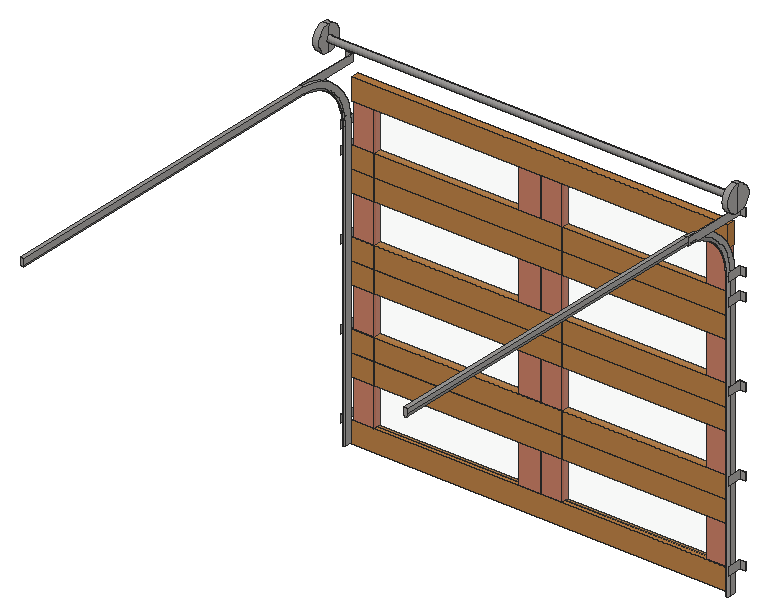
Revit family "Door_Overhead-Sectional_CarriageHouseDC_Belize", category Doors, host Wall, Revit 2026
Family settings
  Host = Wall
  Classification Number = 23.30.10.17.37.14
  Always vertical = Yes
  Cut with Voids When Loaded = No
  Shared = No
  Room Calculation Point = No
Parameters (values of type "Design as Specified")
  Wall_Wood Jamb [instance] = yes
  Wall_Steel Jamb [instance] = not(Wall_Wood Jamb)  # no
  Track Type [instance] = Tracks_Standard-Lift : Tracks_Standard-Lift
  Track Finish [instance] = Metal - Steel
  R-Value = 0
  Panel Width [instance] = 8' - 0"
  Panel Thickness [instance] = 0' - 2"
  Panel Material [instance] = Finish - Stained
  Panel Height [instance] = 7' - 0"
  Opening Width [instance] = 8' - 0"
  Opening Height [instance] = 7' - 0"
  Track_High Lift Height [instance] = 0' - 2"
  Standards Conformance = "Possible WUI Fire Code Compliance  ;  SFM 12-7A-1"
  Revision = "R1_2015-10"
  RO Offset = 0' - 0"
  Inlay Material [instance] = Finish - Copper
  Hardware Finish [instance] = none
  Glazing Type [instance] = ""
  Glazing Tint [instance] = Glazing - as Specified
  Glazing Thickness [instance] = 0' - 0 1/8"
  Function = Exterior
  Manufacturer Phone = "916-373-1776"
  Warranty Duration (Years) = 0
  URL = "http://www.carriagedoor.com/"
  Thickness = 0' - 0"  # constant formula
  Test Data = ""
  Specification = ""
  SpecWizard = ""
  Send Message = ""
  Sales Information = "http://www.carriagedoor.com/contactUs.php"
  Rough Width = 0' - 0"  # constant formula
  Rough Height = 0' - 0"  # constant formula
  Product Properties = "http://www.carriagedoor.com/design.php"
  Product Data = "http://www.arcat.com/arcatcos/cos42/arc42007.html"
  Manufacturer Website = "http://www.carriagedoor.com/"
  Manufacturer Phone - Toll Free = "866-890-1776"
  Manufacturer Fax = "916-375-8874"
  Manufacturer Address = "1421 Richards Blvd.   Sacramento, CA 95814"
  Maintenance Schedule (Months) = 0
  Installation-Fabrication = ""
  Installation Phase = ""
  Green Building-LEED = ""
  Model = "Design as Specified"
  Manufacturer = "Carriage House Door Company"
  Keynote = "08360"
  Height [instance] = if(1 = 1, Panel Height, 0' 0")  # 7' - 0"
  Wall Closure = By host
  Width [instance] = if(1 = 1, Panel Width, 0' 0")  # 8' - 0"
  Fire Rating = "As Specified in 08360"
  Expected Lifespan (Years) = 0
  Drawn By = "Sumex Design, Inc. / Robert S. Weygant, CSI, CDT, SCIP"
  Door Panel Design = Door_Overhead-Sectional-Panel_CarriageHouseDC_Belize : Design as Specified
  Description = "Carriage House Wood Overhead Sectional Door - Belize as Specified"
  Copyright = "©Arcat Inc."
  Construction Details = ""
  Building Codes = ""
  Available Options = "[Paint Grade][Stain Grade], [Ogee Trim Edge][Eased Trim Edge][Square Trim Edge]"
  Assembly Code = "B2030410"
  3 inch Track [instance] = not([2 inch Track])  # no
  2 inch Track [instance] = yes
Reference planes (in)
  plane 1 "Center (Front/Back)": y = -33.96225
  plane 2 "Center (Left/Right)": x = 64.28704
  plane 3: z = 0
  plane 4 "Right": x = 112.28704
  plane 5 "Left": x = 16.28704
  plane 6 "Closure": y = -37.96225
  plane 7: z = 0
  plane 8 "Top of Frame": z = 84
  plane 9 "RO Top": z = 84
  plane 10 "RO Right": x = 112.28704
  plane 11 "RO Left": x = 16.28704
  plane 12: x = 16.28704
  plane 13: x = 112.28704
  plane 14: z = 84
Lines and regions (in)
  Opening 1
    outline origin (-109.33485, -37.96225, 0) x (1, 0, 0) y (0, 0, 1)
      loop
        line (125.62189, 0) -> (221.62189, 0) -> (221.62189, 84) -> (125.62189, 84) -> (125.62189, 0)
Text (in)
  text "Exterior" at (58.95269, 0.56115, 0), in view "Plan"
  text "Interior" at (58.95269, -59.79114, 0), in view "Plan"
  text "Exterior" at (0, -17.98638, 123.01588), in view "Right"
  text "Interior" at (0, -64.39139, 123.01588), in view "Right"
  text "Interior" at (0, -52.09468, 121.14095), in view "Left"
  text "Exterior" at (0, 26.35325, 123.00693), in view "Left"
Dimensions and locks (in)
  equal spacing: plane 4 "Right", plane 2 "Center (Left/Right)", plane 5 "Left"
  "Opening Width": plane 5 "Left" to plane 4 "Right"
  "Opening Height": level to plane 8 "Top of Frame"
  "RO Offset": plane 5 "Left" to plane 11 "RO Left"
  "RO Offset": plane 10 "RO Right" to plane 4 "Right"
  "RO Offset": plane 9 "RO Top" to plane 8 "Top of Frame"
  equal spacing: plane 13, plane 2 "Center (Left/Right)", plane 12
  "Width": plane 13 to plane 12
  "Height": plane 14 to level
  aligned and locked: host wall to plane 1 "Center (Front/Back)"
  aligned and locked: host wall to plane 6 "Closure"
  aligned and locked: Opening 1 sketch curve to level
  aligned and locked: Opening 1 sketch curve to plane 9 "RO Top"
  aligned and locked: plane 10 "RO Right" to Opening 1 sketch curve
  aligned and locked: plane 11 "RO Left" to Opening 1 sketch curve
  aligned: plane 2 "Center (Left/Right)" to nested 1
  aligned: plane 6 "Closure" to nested 1
  aligned and locked: plane 6 "Closure" to nested 2
Nested families (in)
  nested 1: "Tracks_Standard-Lift" at (64.28704, -40.58725, 0), Track <- "Track Finish", Unit Width <- "Width", Wood Jamb <- "Wall_Wood Jamb", 2in Track <- "2 inch Track", Door Height <- "Height", High Lift Height <- "Track_High Lift Height", Opening Height <- "Opening Height", type <- "Track Type", type "Tracks_Standard-Lift"
    with trackradinsetv 0' - 0", trackradinseth 0' - 0", sideroomint 0' - 1 5/8", roofpitchheight 0' - 0", offsettrackradv 1' - 2.73821", offsettrackradh 1' - 2.99772", offset 12' - 0", highliftcalc 0' - 1", breakoutrun 1.5, breakoutrise 12, breakawaylength 0' - 0.01746", breakaway angle 1.00°, Wood Jamb yes, Unit Width 8' - 0", Unit Depth 0' - 2", Track Radius 1' - 3", Track Offset from Door Edge 0' - 0 1/2", Track Metal - Steel, Steel Jamb no, Standard Spring Location yes, Sideroom_Spring 0' - 3", Sideroom_Jambs 0' - 3", Roof Incline 0.00°, Rear Mount Spring no, Opening Width 8' - 0", Opening Height 7' - 0", High Lift Height 0' - 2", Headroom Clearance 1' - 0", Door Height 7' - 0", Breakaway Start 1' - 2", Back Depth 8' - 10", 3in Track no, 2in Track yes, 1 in 12 Breakout no, 1 5 in 12 Breakout yes
  nested 2: "Door_Overhead-Sectional-Panel_CarriageHouseDC_Belize" at (64.28704, -38.96225, 0) x (-1, 0, 0) z (0, 0, 1), Panel Material <- "Panel Material", Inlay Material <- "Inlay Material", Hardware Finish <- "Hardware Finish", Panel Height <- "Panel Height", Panel Width <- "Panel Width", Panel Thickness <- "Panel Thickness", Glazing Thickness <- "Glazing Thickness", Glazing Tint <- "Glazing Tint", type <- "Door Panel Design", type "Design as Specified"
    with glazing height 0' - 10", Solid Panel Design Setup 2' - 7", Panel Width 8' - 0", Panel Thickness 0' - 2", Panel Material Finish - Stained, Panel Height 7' - 0", Number of Window Sections 4, Number of Sections 3, Number of Horizontal Members 3, Inlay Material Finish - Copper, Hardware Finish none, Glazing Type "", Glazing Tint Glazing - as Specified, Glazing Thickness 0' - 0 1/8"
Definition of nested family "Tracks_Standard-Lift"
  Parameters
    trackradinsetv [instance] = Track Radius - (Track Radius * cos(Roof Incline))  # 0' - 0"
    trackradinseth [instance] = Track Radius * sin(Roof Incline)  # 0' - 0"
    sideroomint [instance] = if(Steel Jamb, Sideroom_Jambs, 0' 1 5/8")  # 0' - 1 5/8"
    roofpitchheight [instance] = (Back Depth) * tan(Roof Incline)  # 0' - 0"
    offsettrackradv [instance] = Track Radius - (Track Radius * sin(breakaway angle))  # 1' - 2.73821"
    offsettrackradh [instance] = Track Radius * cos(breakaway angle)  # 1' - 2.99772"
    offset [instance] = 12' - 0"
    breakoutrun [instance] = if([1 in 12 Breakout], 1, 1.5)  # 1
    breakoutrise [instance] = 12  # constant formula
    breakawaylength [instance] = (Breakaway Start + High Lift Height - Track Radius) / tan(90.00° - breakaway angle)  # 0' - 0.26183"
    breakaway angle [instance] = 1.00°  # constant formula
    Wood Jamb [instance] = yes
    Unit Width [instance] = 8' - 0"
    Unit Depth [instance] = if([2in Track], 0' 2", if([3in Track], 0' 3", 0' 2"))  # 0' - 3"
    URL = "http://www.chiohd.com/garage-doors/"
    Track Radius [instance] = 1' - 3"
    Track [instance] = none
    Steel Jamb [instance] = not(Wood Jamb)  # no
    Standard Spring Location [instance] = yes
    Specification = ""
    SpecWizard = "http://www.arcat.com/specwizard/clients/chiover.html?coid=43804"
    Track Offset from Door Edge [instance] = 0' - 0 1/2"
    Sideroom_Spring [instance] = 0' - 5"
    Sideroom_Jambs [instance] = 0' - 5"
    Sales Information = "http://www.chiohd.com/dealers/#.UQ_IQr_Xb_Y"
    Roof Incline [instance] = 0.00°
    Revision = "R1_02-2013"
    Rear Mount Spring [instance] = yes
    Product Properties = ""
    Product Data = "http://www.arcat.com/arcatcos/cos43/arc43804.html"
    Opening Width [instance] = if(Wood Jamb, Unit Width, Unit Width - 0' 1")  # 8' - 0"
    Opening Height [instance] = 8' - 0"
    Model = "As Specified"
    Manufacturer = "CHI Overhead Doors"
    Keynote = ""
    Installation-Fabrication = ""
    highliftcalc [instance] = if(Headroom Clearance < 5' 4 3/256", Headroom Clearance - 0' 11", if(and(Headroom Clearance > 5' 4", Headroom Clearance < 11' 1 3/256"), Headroom Clearance - 1' 1", if(and(Headroom Clearance > 11' 1", Headroom Clearance < 15' 0 3/256"), Headroom Clearance - 1' 5", 1' 0")))  # 1' - 10"
    High Lift Height [instance] = 1' - 10"
    Headroom Clearance [instance] = 2' - 9"
    Green Building-LEED = "http://www.arcat.com/green/clients/leed_data_43804.html"
    Drawn By = "Sumex Design, Inc. / Robert S. Weygant, CSI, CDT, SCIP"
    Door Height [instance] = 8' - 0"
    Description = ""
    Default Elevation = 4' - 0"
    Copyright = "©Arcat Inc."
    Construction Details = "http://www.arcat.com/details/chiover/chiover.html?coid=43804"
    Breakaway Start [instance] = if([1 in 12 Breakout], 0' 8", if([1 5 in 12 Breakout], 1' 2", 1' 0"))  # 0' - 8"
    Back Depth [instance] = Door Height + 1' 10"  # 9' - 10"
    Assembly Code = ""
    3in Track [instance] = not([2in Track])  # yes
    2in Track [instance] = no
    1 in 12 Breakout [instance] = yes
    1 5 in 12 Breakout [instance] = not([1 in 12 Breakout])  # no
  Reference planes (in)
    plane 1 "Center (Front/Back)": y = 0
    plane 2 "Bottom": z = 0
    plane 3 "Center (Left/Right)": x = 0
    plane 4 "Front": y = -1.5
    plane 5 "Back": y = 1.5
    plane 6 "Left": x = -48
    plane 7 "Right": x = 48
    plane 8 "Top": z = 121
    plane 9: z = 96
    plane 10: x = -48
    plane 11: x = 48
    plane 12: z = 129
    plane 13: y = -114.875
    plane 14: y = -13.49772
    plane 15: z = 106.26179
    plane 16: y = 3.125
    plane 17: z = 67.5
    plane 18: z = 47
    plane 19: z = 26.5
    plane 20: z = 6
    plane 21: z = 97.13089
    plane 22: x = 53
    plane 23: x = -53
    plane 24 "Drum CL": y = -1.875
    plane 25: z = 106
    plane 26: z = 118
    plane 27: y = -13.49772
    plane 28: z = 121
    plane 29: x = -49.625
    plane 30: x = 49.625
  Forms (in)
    Extrusion 1, solid, material <- "Track", visible <- "Wood Jamb"
      sketch origin (0, 0, 0) x (1, 0, 0) y (0, 1, 0)
        loop
          line (-49.5, -13.49772) -> (-49.5, 3.125) -> (-53, 3.125) -> (-53, 3) -> (-49.625, 3) -> (-49.625, -13.49772) -> (-49.5, -13.49772)
        loop
          line (49.5, -13.49772) -> (49.625, -13.49772) -> (49.625, 3) -> (53, 3) -> (53, 3.125) -> (49.5, 3.125) -> (49.5, -13.49772)
      from 0 to 121
    Extrusion 2, void
      sketch origin (0, 0, 0) x (0, 1, 0) y (0, 0, 1)
        loop
          line (-1.5, 5) -> (-1.5, 7) -> (3.125, 7) -> (3.125, 25.5) -> (-1.5, 25.5) -> (-1.5, 27.5) -> (3.125, 27.5) -> (3.125, 46) -> (-1.5, 46) -> (-1.5, 48) -> (3.125, 48) -> (3.125, 66.5) -> (-1.5, 66.5) -> (-1.5, 68.5) -> (3.125, 68.5) -> (3.125, 105.26179) -> (-1.5, 105.26179) -> (-1.5, 107.26179) -> (3.125, 107.26179) -> (3.125, 119) -> (-13.49772, 119) -> (-13.49772, 0) -> (3.125, 0) -> (3.125, 5) -> (-1.5, 5)
      from -53 to 53
    Extrusion 3, solid, material <- "Track", visible <- "Steel Jamb"
      sketch origin (0, 0, 0) x (1, 0, 0) y (0, 1, 0)
        loop
          line (-53, 3.125) -> (-53, -13.49772) -> (-52.875, -13.49772) -> (-52.875, 3) -> (-48.375, 3) -> (-48.375, 3.125) -> (-53, 3.125)
        loop
          line (53, 3.125) -> (48.375, 3.125) -> (48.375, 3) -> (52.875, 3) -> (52.875, -13.49772) -> (53, -13.49772) -> (53, 3.125)
      from 0 to 121
    Revolve 4, solid, material <- "Track"
      sketch origin (0, -1.875, 0) x (0, 0, -1) y (1, 0, 0)
        loop
          line (-128.25, -53) -> (-125, -53) -> (-125, 53) -> (-128.25, 53) -> (-128.25, 51.5) -> (-125.75, 51.5) -> (-125.75, -51.5) -> (-128.25, -51.5) -> (-128.25, -53)
        axis (-125, 53) -> (-125, -53)
      angle from 0 to 360
    Sweep 5, solid, material <- "Track"
      path origin (0, 0, 0) x (0, 1, 0) y (0, 0, 1)
        loop
          line (1.5, 0) -> (1.5, 106.26179)
          arc (1.5, 106.26179) -> (-2.98408, 116.69876) -> (-13.49772, 121) r 15
          line (-13.49772, 121) -> (-114.875, 121)
      profile origin (0, -64.18636, 121) x (0, 0, -1) y (1, 0, 0)
        loop
          line (2.62111, -48.5) -> (0, -48.5) -> (0, -49.5) -> (2.25, -49.5)
          arc (2.25, -49.5) -> (2.68414, -49.38263) -> (3, -49.0625) r 0.86161
          line (3, -49.0625) -> (3, -48.71875) -> (2.62111, -48.5)
    Sweep 6, solid, material <- "Track"
      path origin (0, 0, 0) x (0, 1, 0) y (0, 0, 1)
        loop
          line (1.5, 0) -> (1.5, 106.26179)
          arc (1.5, 106.26179) -> (-2.98408, 116.69876) -> (-13.49772, 121) r 15
          line (-13.49772, 121) -> (-114.875, 121)
      profile origin (0, -64.18636, 121) x (0, 0, -1) y (1, 0, 0)
        loop
          line (0, 49.5) -> (0, 48.5) -> (2.62111, 48.5) -> (3, 48.71875) -> (3, 49.0625)
          arc (3, 49.0625) -> (2.68414, 49.38263) -> (2.25, 49.5) r 0.86161
          line (2.25, 49.5) -> (0, 49.5)
  Cuts and joins
    Extrusion 2 cuts Extrusion 1
    Extrusion 2 cuts Extrusion 3
  Lines and regions (in)
    reference lines
      curve 1: arc (0, 0.25, 112.00003) -> (0, -5.28189, 118.54991) -> (0, -13.49772, 121) r 15
      curve 2: line (0, -13.49772, 121) -> (0, -114.875, 121)
  Text (in)
    text "OPENING" at (0, 24.81124, 52.10269), in view "Right"
    text "STANDARD LIFT" at (0, 24.81124, 118.55424), in view "Right"
  Dimensions and locks (in)
    equal spacing: plane 6 "Left", plane 3 "Center (Left/Right)", plane 7 "Right"
    "Unit Width": plane 6 "Left" to plane 7 "Right"
    equal spacing: plane 5 "Back", plane 1 "Center (Front/Back)", plane 4 "Front"
    "Unit Depth": plane 5 "Back" to plane 4 "Front"
    equal spacing: plane 10, plane 3 "Center (Left/Right)", plane 11
    "Opening Width": plane 10 to plane 11
    "Headroom Clearance": plane 12 to plane 9
    "Back Depth": plane 13 to plane 16
    "offsettrackradv": plane 8 "Top" to plane 15
    locked: plane 16 to plane 5 "Back" at 1.625
    "Sideroom_Jambs": Extrusion 1 sketch curve to plane 10
    "Sideroom_Jambs": plane 11 to Extrusion 1 sketch curve
    locked: plane 20 to level at 6
    equal spacing: plane 17, plane 18, plane 19, plane 20
    Extrusion 2 sketch curve to plane 20 to Extrusion 2 sketch curve = 0' - 1" locked, 0' - 1" locked
    Extrusion 2 sketch curve to plane 19 to Extrusion 2 sketch curve = 0' - 1" locked, 0' - 1" locked
    Extrusion 2 sketch curve to plane 18 to Extrusion 2 sketch curve = 0' - 1" locked, 0' - 1" locked
    Extrusion 2 sketch curve to plane 17 to Extrusion 2 sketch curve = 0' - 1" locked, 0' - 1" locked
    Extrusion 2 sketch curve to plane 15 to Extrusion 2 sketch curve = 0' - 1" locked, 0' - 1" locked
    "Sideroom_Spring": plane 23 to plane 10
    "Sideroom_Spring": plane 11 to plane 22
    locked: Extrusion 3 sketch curve to plane 10 at 0.375
    locked: plane 11 to Extrusion 3 sketch curve at 0.375
    locked: plane 24 "Drum CL" to plane 16 at 5
    locked: Revolve 4 sketch curve to plane 10 at 5
    locked: plane 11 to Revolve 4 sketch curve at 5
    locked: Revolve 4 sketch curve to Revolve 4 sketch curve at 1.5  (x2)
    locked: Revolve 4 sketch curve to Revolve 4 sketch curve at 0.75
    locked: Revolve 4 sketch curve to Revolve 4 sketch curve at 3.25  (x2)
    locked: Extrusion 1 sketch curve to Extrusion 1 sketch curve at 0.125
    "Opening Height": plane 9 to level
    "Track Radius": plane 8 "Top" to plane 25
    "High Lift Height": plane 26 to plane 9
    "Unit Depth": plane 8 "Top" to plane 26
    "offsettrackradh": plane 14 to plane 5 "Back"
    "trackradinseth": plane 14 to plane 27
    "trackradinsetv": plane 8 "Top" to plane 28
    "Unit Depth": Sweep 5 sketch curve to Sweep 5 sketch curve
    locked: plane 8 "Top" to Extrusion 2 sketch curve at 2
    "Unit Depth": Sweep 6 sketch curve to Sweep 6 sketch curve
    Extrusion 1 sketch curve to Extrusion 1 sketch curve to plane 10 = 0' - 0 1/8" locked, 0' - 1 1/2" locked
    equal spacing: Sweep 5 sketch curve, Sweep 5 sketch curve, Sweep 5 sketch curve, Sweep 5 sketch curve, plane 10
    equal spacing: plane 11, Sweep 6 sketch curve, Sweep 6 sketch curve, Sweep 6 sketch curve, Sweep 6 sketch curve
    "sideroomint": plane 29 to plane 10
    plane 29 to Sweep 5 sketch curve to Sweep 5 sketch curve to Sweep 5 sketch curve to Sweep 5 sketch curve = 0' - 0 1/8" locked, 0' - 0 7/16" locked, 0' - 0 11/32" locked, 0' - 0 7/32" locked
    "Sideroom_Jambs": Extrusion 3 sketch curve to plane 10
    locked: Extrusion 3 sketch curve to Extrusion 3 sketch curve at 0.125  (x2)
    "Sideroom_Jambs": plane 11 to Extrusion 3 sketch curve
    locked: plane 11 to Extrusion 1 sketch curve at 1.5
    "sideroomint": plane 11 to plane 30
    Sweep 6 sketch curve to Sweep 6 sketch curve to Sweep 6 sketch curve to Sweep 6 sketch curve to plane 30 = 0' - 0 7/32" locked, 0' - 0 11/32" locked, 0' - 0 7/16" locked, 0' - 0 1/8" locked
    locked: Revolve 4 sketch curve to plane 26 at 7
    "Track Radius": radius of curve 1
    "Track Radius": radius of Sweep 6 sketch curve
    "Roof Incline": angle curve 2 to plane 28
    "Roof Incline": angle Sweep 5 sketch curve to plane 28
    "Roof Incline": angle Sweep 6 sketch curve to plane 28
    aligned and locked: plane 14 to Extrusion 1 sketch curve
    aligned and locked: Extrusion 1 sketch curve to plane 14
    aligned and locked: Extrusion 2 sketch curve to plane 14
    aligned and locked: Extrusion 2 sketch curve to plane 16
    aligned and locked: plane 4 "Front" to Extrusion 2 sketch curve  (x4)
    aligned and locked: Extrusion 2 sketch curve to plane 4 "Front"
    aligned and locked: plane 23 to Extrusion 2
    aligned and locked: Extrusion 2 to plane 22
    aligned and locked: Extrusion 3 sketch curve to plane 14
    aligned and locked: plane 14 to Extrusion 3 sketch curve
    aligned and locked: Revolve 4 sketch curve to Revolve 4 sketch curve
    aligned and locked: plane 27 to curve 1
    aligned and locked: plane 25 to curve 1
    aligned and locked: plane 14 to curve 1
    aligned and locked: plane 13 to curve 2
    aligned and locked: Sweep 5 sketch curve to curve 1
    aligned and locked: plane 13 to Sweep 5 sketch curve
    aligned and locked: plane 27 to Sweep 5 sketch curve
    aligned and locked: plane 8 "Top" to Extrusion 3
    aligned and locked: plane 8 "Top" to Extrusion 1
    aligned and locked: plane 13 to Sweep 6 sketch curve
    aligned and locked: plane 15 to Sweep 5 sketch curve
    aligned and locked: plane 27 to Sweep 6 sketch curve
    aligned and locked: plane 28 to Sweep 6 sketch curve
    aligned and locked: plane 15 to Sweep 6 sketch curve
    aligned and locked: plane 5 "Back" to Sweep 6 sketch curve
  Automatic sketch dimensions
    Extrusion 1 sketch curve to plane 16 = 0' - 0"  (x2)
    Extrusion 1 sketch curve to plane 16 = 0' - 0 1/8"  (x2)
    Extrusion 3 sketch curve to plane 16 = 0' - 0"  (x2)
    Extrusion 3 sketch curve to plane 16 = 0' - 0 1/8"  (x2)
    Revolve 4 sketch curve to Revolve 4 sketch curve = 0' - 0"
    Revolve 4 sketch curve to Revolve 4 sketch curve = 0' - 3"
    Sweep 5 sketch curve to level = 0' - 0"
    Sweep 5 sketch curve to profile plane = 0' - 0"
    Sweep 5 sketch curve to Sweep 5 sketch curve = 0' - 0.37111"
    Sweep 5 sketch curve to Sweep 5 sketch curve = 0' - 0.13839"
    Sweep 6 sketch curve to profile plane = 0' - 0"
    Sweep 6 sketch curve to Sweep 6 sketch curve = 0' - 0.37111"
    Sweep 6 sketch curve to Sweep 6 sketch curve = 0' - 0.13839"
    curve 1 to plane 1 "Center (Front/Back)" = 0' - 0 1/4"
    Sweep 6 sketch curve to level = 0' - 0"
    Extrusion 2 sketch curve to plane 16 = 0' - 0"  (x5)
    Extrusion 2 sketch curve to level = 0' - 0"
Definition of nested family "Door_Overhead-Sectional-Panel_CarriageHouseDC_Belize"
  Parameters
    glazing height [instance] = (Panel Height - (0' 5 1/2" * 2) - (Number of Horizontal Members * 0' 11")) / Number of Window Sections  # 0' - 10"
    Warranty Duration (Years) = 0
    URL = ""
    Specification = ""
    SpecWizard = ""
    Send Message = ""
    Sales Information = ""
    Revision = "R1_01-2014"
    Product Properties = ""
    Product Data = ""
    Panel Width [instance] = 10' - 0"
    Panel Thickness [instance] = 0' - 2"
    Panel Material [instance] = none
    Panel Height [instance] = 7' - 0"
    Number of Sections [instance] = if(Panel Height < 8' 0", 3, if(Panel Height < 10' 0", 4, if(Panel Height < 12' 0", 5, 6)))  # 3
    Number of Horizontal Members [instance] = Number of Window Sections - 1  # 3
    Model = "As Specified"
    Manufacturer Website = ""
    Manufacturer Phone - Toll Free = ""
    Manufacturer Phone = ""
    Manufacturer Fax = ""
    Manufacturer Address = ""
    Manufacturer = ""
    Maintenance Schedule (Months) = 0
    Solid Panel Design Setup [instance] = if(1 = 1, (Panel Height / Number of Sections) + 0' 3", 0' 0")  # 2' - 7"
    Number of Window Sections [instance] = 4
    Keynote = ""
    Installation-Fabrication = ""
    Installation Phase = ""
    Inlay Material [instance] = none
    Hardware Finish [instance] = none
    Green Building-LEED = ""
    Glazing Type [instance] = ""
    Glazing Tint [instance] = none
    Glazing Thickness [instance] = 0' - 0 1/8"
    Expected Lifespan (Years) = 0
    Drawn By = "Sumex Design, Inc. / Robert S. Weygant, CSI, CDT, SCIP"
    Description = ""
    Default Elevation = 0' - 0"
    Copyright = "©Arcat Inc."
    Construction Details = ""
    Assembly Code = ""
  Reference planes (in)
    plane 1 "Center (Front/Back)": y = 0
    plane 2 "Bottom": z = 0
    plane 3 "Center (Left/Right)": x = 0
    plane 4 "Front": y = -1
    plane 5 "Back": y = 1
    plane 6 "Left": x = -60
    plane 7 "Right": x = 60
    plane 8 "Top": z = 84
    plane 9: z = 78.5
    plane 10: z = 68.5
    plane 11: z = 5.5
    plane 12: z = 15.5
    plane 13: y = 0.875
  Forms (in)
    Extrusion 1, solid, material <- "Inlay Material"
      sketch origin (-11.94222, -1, 48) x (-1, 0, 0) y (0, 0, 1)
        loop
          line (47.80778, -42.5) -> (47.80778, 30.5) -> (42.55778, 30.5) -> (42.55778, -42.5) -> (47.80778, -42.5)
        loop
          line (-6.44222, -42.5) -> (-6.44222, 30.5) -> (-11.94222, 30.5) -> (-11.94222, -42.5) -> (-6.44222, -42.5)
      from 1.875 to 0.125
    Extrusion 2, solid, material <- "Glazing Tint"
      sketch origin (0, 0, 0) x (1, 0, 0) y (0, 0, 1)
        loop
          line (-54.5, 78.5) -> (-54.5, 5.5) -> (54.5, 5.5) -> (54.5, 78.5) -> (-54.5, 78.5)
      from -0.125 to 0.125
    Extrusion 3, solid, material <- "Panel Material"
      sketch origin (-11.94222, -1, 48) x (-1, 0, 0) y (0, 0, 1)
        loop
          line (48.05778, 36) -> (-71.94222, 36) -> (-71.94222, 30.5) -> (48.05778, 30.5) -> (48.05778, 36)
        loop
          line (48.05778, -48) -> (48.05778, -42.5) -> (-71.94222, -42.5) -> (-71.94222, -48) -> (48.05778, -48)
      from 0 to 2
    Extrusion 4, solid, material <- "Inlay Material"
      sketch origin (11.94222, -1, 48) x (1, 0, 0) y (0, 0, -1)
        loop
          line (47.80778, 42.5) -> (42.55778, 42.5) -> (42.55778, -30.5) -> (47.80778, -30.5) -> (47.80778, 42.5)
        loop
          line (-6.44222, 42.5) -> (-11.94222, 42.5) -> (-11.94222, -30.5) -> (-6.44222, -30.5) -> (-6.44222, 42.5)
      from 1.875 to 0.125
  Dimensions and locks (in)
    equal spacing: plane 6 "Left", plane 3 "Center (Left/Right)", plane 7 "Right"
    "Panel Width": plane 6 "Left" to plane 7 "Right"
    equal spacing: plane 5 "Back", plane 1 "Center (Front/Back)", plane 4 "Front"
    "Panel Thickness": plane 5 "Back" to plane 4 "Front"
    "Panel Height": plane 8 "Top" to level
    locked: Extrusion 1 sketch curve to plane 6 "Left" at 5.5
    locked: plane 7 "Right" to Extrusion 2 sketch curve at 5.5
    locked: Extrusion 2 sketch curve to plane 6 "Left" at 5.5
    locked: plane 8 "Top" to Extrusion 2 sketch curve at 5.5
    locked: Extrusion 2 sketch curve to plane 2 "Bottom" at 5.5
    locked: plane 8 "Top" to plane 9 at 5.5
    locked: plane 11 to plane 2 "Bottom" at 5.5
    "glazing height": plane 9 to plane 10
    "glazing height": plane 12 to plane 11
    locked: Extrusion 3 sketch curve to plane 2 "Bottom" at 5.5
    locked: plane 8 "Top" to Extrusion 3 sketch curve at 5.5
    equal spacing: group 1, group 3, group 2  (x2)
    equal spacing: group 2, group 3, group 1
    locked: plane 5 "Back" to plane 13 at 0.125
    locked: plane 8 "Top" to Extrusion 1 sketch curve at 5.5  (x2)
    locked: Extrusion 1 sketch curve to plane 2 "Bottom" at 5.5  (x2)
    locked: plane 3 "Center (Left/Right)" to Extrusion 1 sketch curve at 5.5
    locked: Extrusion 4 sketch curve to plane 3 "Center (Left/Right)" at 5.5
    locked: plane 8 "Top" to Extrusion 4 sketch curve at 5.5  (x2)
    locked: plane 7 "Right" to Extrusion 4 sketch curve at 5.5
    locked: Extrusion 4 sketch curve to plane 2 "Bottom" at 5.5  (x2)
    locked: plane 7 "Right" to Extrusion 4 sketch curve at 0.25
    locked: Extrusion 1 sketch curve to plane 6 "Left" at 0.25
    aligned and locked: plane 6 "Left" to Extrusion 3 sketch curve
    aligned and locked: Extrusion 3 sketch curve to plane 7 "Right"
    aligned and locked: plane 7 "Right" to Extrusion 3 sketch curve
    aligned and locked: Extrusion 3 sketch curve to plane 6 "Left"
    aligned and locked: Extrusion 3 to plane 4 "Front"
    aligned and locked: nested 1 to plane 10
    aligned and locked: nested 2 to plane 12
    aligned and locked: plane 3 "Center (Left/Right)" to nested 1
    aligned and locked: plane 3 "Center (Left/Right)" to nested 2
    aligned and locked: plane 5 "Back" to Extrusion 3
    aligned and locked: plane 3 "Center (Left/Right)" to Extrusion 1 sketch curve
    aligned and locked: Extrusion 4 to plane 13
    aligned and locked: Extrusion 1 to plane 13
    aligned and locked: nested 1 to plane 4 "Front"
  Automatic sketch dimensions
    Extrusion 3 sketch curve to level = 0' - 0"
    Extrusion 3 sketch curve to plane 8 "Top" = 0' - 0"
    Extrusion 4 sketch curve to plane 3 "Center (Left/Right)" = 0' - 0"
  Nested families (in)
    nested 1: "Family8" at (0, -1, 63) x (1, 0, 0) z (0, 1, 0), finish <- "Panel Material", width <- "Panel Width", type "Family8"
      with width 10' - 0", finish none
    nested 2: "Family8" at (0, -1, 21) x (1, 0, 0) z (0, 1, 0), finish <- "Panel Material", width <- "Panel Width", type "Family8"
      with width 10' - 0", finish none
    nested 3: "Family8" at (0, -1, 42) x (1, 0, 0) z (0, 1, 0), finish <- "Panel Material", width <- "Panel Width", type "Family8"
      with width 10' - 0", finish none
  Definition of nested family "Family8"
    Parameters
      width [instance] = 5' - 6"
      finish [instance] = none
      Default Elevation = 4' - 0"
      Assembly Code = ""
    Reference planes (in)
      plane 1 "Center (Front/Back)": y = 0
      plane 2: z = 0
      plane 3 "Center (Left/Right)": x = 0
      plane 4: x = -33
      plane 5: x = 33
    Forms (in)
      Extrusion 1, solid, material <- "finish"
        sketch origin (0, 2.75, 0) x (1, 0, 0) y (0, 1, 0)
          loop
            line (-33, 2.75) -> (-33, -2.75) -> (33, -2.75) -> (33, 2.75) -> (-33, 2.75)
        from 0 to 2
      Extrusion 2, solid, material <- "finish"
        sketch origin (0, -2.75, 0) x (1, 0, 0) y (0, 1, 0)
          loop
            line (-33, 2.75) -> (-33, -2.75) -> (33, -2.75) -> (33, 2.75) -> (-33, 2.75)
        from 0 to 2
    Dimensions and locks (in)
      equal spacing: plane 4, plane 3 "Center (Left/Right)", plane 5
      "width": plane 4 to plane 5
      aligned and locked: plane 2 to level
      aligned and locked: Extrusion 1 sketch curve to plane 4
      aligned and locked: plane 5 to Extrusion 1 sketch curve
      aligned and locked: Extrusion 2 to plane 4
      aligned and locked: plane 5 to Extrusion 2
    Automatic sketch dimensions
      plane 1 "Center (Front/Back)" to Extrusion 1 sketch curve = 0' - 0"
      Extrusion 1 sketch curve to plane 1 "Center (Front/Back)" = 0' - 5 1/2"
      Extrusion 2 sketch curve to plane 4 = 0' - 0"
      plane 1 "Center (Front/Back)" to Extrusion 2 sketch curve = 0' - 0"
      Extrusion 2 sketch curve to plane 5 = 0' - 0"
      Extrusion 2 sketch curve to Extrusion 2 sketch curve = 0' - 5 1/2"
